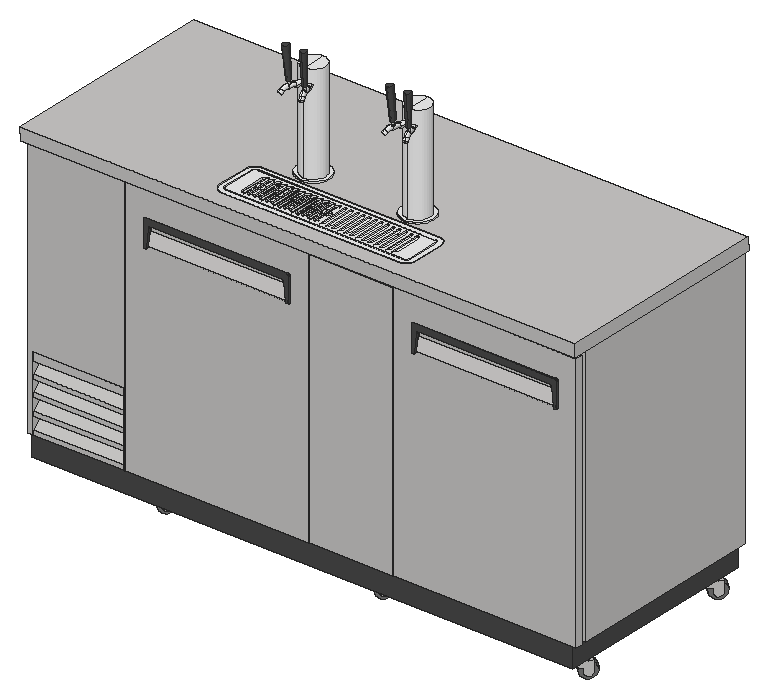
Revit family "QF_Turbo Air_TBD-3", category Specialty Equipment, Revit 2014
Parameters (values of type "TBD-3SD")
  Weight in Pounds = 338
  Watermarked By = ""
  Volts = 115 V
  URL Cutsheet = ""
  URL = "www.turboairinc.com"
  Status [instance] = ""
  Specification by User [instance] = ""
  Specification by Manufacturer [instance] = ""
  Serial Number [instance] = ""
  Revision Code [instance] = ""
  Phase = 1
  Number of Poles [instance] = 1
  NAFEM Spec ID Number [instance] = ""
  Model = "TBD-3SD"
  Masterspec [instance] = ""
  Manufacturer = "Turbo Air"  # constant formula
  Item Number [instance] = "-"
  Installed By [instance] = ""
  HP = "1/3"
  Furnished By [instance] = ""
  Foodservice Equipment Identifier = yes
  FL Amps = 7 A
  Electrical Remarks [instance] = ""
  Electric Connection Type [instance] = ""
  Elec Conn RI Height [instance] = 0' - 0"
  Elec Conn Connection Height [instance] = CasterLeg Height + 0' 2"  # 0' - 5"
  Description = "Beer Dispenser"
  Cycle = 60 Hz
  Conn Plug = "NEMA 5-15P"
  CasterLeg Height [instance] = if([2 inch Casters], 0' 3", if([4 inch Casters], 0' 5", 0' 6"))  # 0' - 3"
  CSI MasterFormat = "11 46 13"
  Body Material = QF_Stainless-Polished
  Assembly Code = "E1090320"
  Apparent Power = if(Phase = 3, Volts * FL Amps * 1.73, Volts * FL Amps)  # 805 VA
  6 inch Legs [instance] = no
  4 inch Casters [instance] = no
  2 inch Casters [instance] = yes
Reference planes (in)
  plane 1 "BACK": y = 0
  plane 2: z = 0
  plane 3 "LEFT": x = -16.56573
  plane 4 "RIGHT": x = 52.55927
  plane 5 "FRONT": y = -27.125
  plane 6 "Bumber Back": y = 2
  plane 7 "Bottom": z = 3
  plane 8 "Counter Top": z = 40
  plane 9 "Counter Bottom": z = 38.4375
  plane 10 "Vent Bottom": z = 5.5625
  plane 11 "Box Left": x = -16.19073
  plane 12 "Vents Left": x = -15.56573
  plane 13 "Vents Right": x = -4.00323
  plane 14 "Doors Back": y = -24.9375
  plane 15 "Vents Front": y = -26.375
  plane 16 "Vent Top": z = 14.8125
  plane 17 "Box Right": x = 52.18427
  plane 18: x = 29.37177
  plane 19: x = 18.80927
  plane 20 "Center Drain LR": x = 17.99677
  plane 21 "Center Drain FB": y = -21.96875
  plane 22 "Door Clearance": y = -48.375
Forms (in)
  Extrusion 1, solid, material "QF_Plastic-Black-Matte"
    sketch origin (0, 0, 3) x (0, 1, 0) y (-1, 0, 0)
      loop
        line (-0.625, 15.75323) -> (-26.3125, 15.75323) -> (-26.3125, -51.74677) -> (-0.625, -51.74677) -> (-0.625, 15.75323)
    from 0 to 2.5625
  Extrusion 2, solid, material "QF_Stainless-Polished" <- "Body Material"
    sketch origin (-15.56573, 0, 0) x (0, 1, 0) y (0, 0, 1)
      loop
        line (-26.375, 12.375) -> (-26.375, 11.8125) -> (-26, 11.8125) -> (-26, 11.875) -> (-26.3125, 11.875) -> (-26.3125, 12.34911) -> (-25.04917, 13.61244) -> (-25.09337, 13.65663) -> (-26.375, 12.375)
      loop
        line (-26.375, 10.3125) -> (-26.375, 9.75) -> (-26, 9.75) -> (-26, 9.8125) -> (-26.3125, 9.8125) -> (-26.3125, 10.28661) -> (-25.04917, 11.54994) -> (-25.09337, 11.59413) -> (-26.375, 10.3125)
      loop
        line (-26.375, 8.25) -> (-26.375, 7.6875) -> (-26, 7.6875) -> (-26, 7.75) -> (-26.3125, 7.75) -> (-26.3125, 8.22411) -> (-25.04917, 9.48744) -> (-25.09337, 9.53163) -> (-26.375, 8.25)
      loop
        line (-26.375, 6.125) -> (-26.375, 5.5625) -> (-25.8125, 5.5625) -> (-25.8125, 5.625) -> (-26.3125, 5.625) -> (-26.3125, 6.09911) -> (-25.04917, 7.36244) -> (-25.09337, 7.40663) -> (-26.375, 6.125)
      loop
        line (-26.375, 14.8125) -> (-26.375, 13.875) -> (-26, 13.875) -> (-26, 13.9375) -> (-26.3125, 13.9375) -> (-26.3125, 14.41161) -> (-25.91161, 14.8125) -> (-26.375, 14.8125)
    from 0 to 11.3125
  Extrusion 3, solid, material "QF_Plastic-Black-Matte"
    sketch origin (0, 2, 0) x (1, 0, 0) y (0, 0, 1)
      loop
        circle (-10.62823, 34.5) r 0.8125
      loop
        circle (46.62177, 34.5) r 0.8125
    from 0 to 2
  Extrusion 4, solid, material "QF_Plastic-Black-Matte"
    sketch origin (0, 0, 0) x (1, 0, 0) y (0, 0, 1)
      loop
        circle (-10.09698, 5) r 0.25
    from 0.625 to 0.5625
  Extrusion 5, solid, material "QF_Stainless-Polished" <- "Body Material"
    sketch origin (0, 0, 5.5625) x (0, 1, 0) y (-1, 0, 0)
      loop
        line (0, 16.19073) -> (-24.9375, 16.19073) -> (-24.9375, -52.18427) -> (0, -52.18427) -> (0, 16.19073)
    from 0 to 32.875
  Extrusion 6, solid, material "QF_Stainless-Polished" <- "Body Material"
    sketch origin (0, -24.9375, 0) x (1, 0, 0) y (0, 0, 1)
      loop
        line (-16.19073, 38.4375) -> (-16.19073, 5.5625) -> (-15.56573, 5.5625) -> (-15.56573, 14.8125) -> (-4.25323, 14.8125) -> (-4.25323, 5.5625) -> (-4.12823, 5.5625) -> (-4.12823, 38.4375) -> (-16.19073, 38.4375)
    from 0 to 1.4375
  Extrusion 7, solid, material "QF_Stainless-Polished"
    sketch origin (0, 0, 38.4375) x (0, 1, 0) y (-1, 0, 0)
      loop
        line (0, 16.56573) -> (-27.125, 16.56573) -> (-27.125, -52.55927) -> (0, -52.55927) -> (0, 16.56573)
      loop
        arc (-23.9375, -5.80927) -> (-24.77719, -6.15709) -> (-25.125, -6.99677) r 1.1875
        line (-25.125, -6.99677) -> (-25.125, -28.99677)
        arc (-25.125, -28.99677) -> (-24.77719, -29.83646) -> (-23.9375, -30.18427) r 1.1875
        line (-23.9375, -30.18427) -> (-20, -30.18427)
        arc (-20, -30.18427) -> (-19.16031, -29.83646) -> (-18.8125, -28.99677) r 1.1875
        line (-18.8125, -28.99677) -> (-18.8125, -6.99677)
        arc (-18.8125, -6.99677) -> (-19.16031, -6.15709) -> (-20, -5.80927) r 1.1875
        line (-20, -5.80927) -> (-23.9375, -5.80927)
    from 0 to 1.5625
  Extrusion 8, solid, material "QF_Steel-Chrome Plated"
    sketch origin (0, 0, 40) x (0, 1, 0) y (-1, 0, 0)
      loop
        arc (-18.8125, -6.99677) -> (-19.16031, -6.15709) -> (-20, -5.80927) r 1.1875
        line (-20, -5.80927) -> (-23.9375, -5.80927)
        arc (-23.9375, -5.80927) -> (-24.77719, -6.15709) -> (-25.125, -6.99677) r 1.1875
        line (-25.125, -6.99677) -> (-25.125, -28.99677)
        arc (-25.125, -28.99677) -> (-24.77719, -29.83646) -> (-23.9375, -30.18427) r 1.1875
        line (-23.9375, -30.18427) -> (-20, -30.18427)
        arc (-20, -30.18427) -> (-19.16031, -29.83646) -> (-18.8125, -28.99677) r 1.1875
        line (-18.8125, -28.99677) -> (-18.8125, -6.99677)
      loop
        arc (-19.4375, -6.99677) -> (-19.60225, -6.59903) -> (-20, -6.43427) r 0.5625
        line (-20, -6.43427) -> (-23.9375, -6.43427)
        arc (-23.9375, -6.43427) -> (-24.33525, -6.59903) -> (-24.5, -6.99677) r 0.5625
        line (-24.5, -6.99677) -> (-24.5, -28.99677)
        arc (-24.5, -28.99677) -> (-24.33525, -29.39452) -> (-23.9375, -29.55927) r 0.5625
        line (-23.9375, -29.55927) -> (-20, -29.55927)
        arc (-20, -29.55927) -> (-19.60225, -29.39452) -> (-19.4375, -28.99677) r 0.5625
        line (-19.4375, -28.99677) -> (-19.4375, -6.99677)
    from 0 to -0.125
  Extrusion 9, solid, material "QF_Steel-Chrome Plated"
    sketch origin (22.52117, 0.125, 38.45227) x (0, 1, 0) y (-0.939693, 0, 0.34202)
      loop
        line (-20.09432, 4.56363) -> (-24.09318, 4.56363)
        arc (-24.09318, 4.56363) -> (-23.94406, 4.20362) -> (-23.58405, 4.0545) r 0.50913
        line (-23.58405, 4.0545) -> (-20.60345, 4.0545)
        arc (-20.60345, 4.0545) -> (-20.24344, 4.20362) -> (-20.09432, 4.56363) r 0.50913
    from -0.0625 to -0.125
  Extrusion 10, solid, material "QF_Steel-Chrome Plated"
    sketch origin (23.27117, 0.125, 38.45227) x (0, 1, 0) y (-0.939693, 0, 0.34202)
      loop
        line (-20.09432, 4.56363) -> (-24.09318, 4.56363)
        arc (-24.09318, 4.56363) -> (-23.94406, 4.20362) -> (-23.58405, 4.0545) r 0.50913
        line (-23.58405, 4.0545) -> (-20.60345, 4.0545)
        arc (-20.60345, 4.0545) -> (-20.24344, 4.20362) -> (-20.09432, 4.56363) r 0.50913
    from -0.0625 to -0.125
  Extrusion 11, solid, material "QF_Steel-Chrome Plated"
    sketch origin (24.02117, 0.125, 38.45227) x (0, 1, 0) y (-0.939693, 0, 0.34202)
      loop
        line (-20.09432, 4.56363) -> (-24.09318, 4.56363)
        arc (-24.09318, 4.56363) -> (-23.94406, 4.20362) -> (-23.58405, 4.0545) r 0.50913
        line (-23.58405, 4.0545) -> (-20.60345, 4.0545)
        arc (-20.60345, 4.0545) -> (-20.24344, 4.20362) -> (-20.09432, 4.56363) r 0.50913
    from -0.0625 to -0.125
  Extrusion 12, solid, material "QF_Steel-Chrome Plated"
    sketch origin (24.77117, 0.125, 38.45227) x (0, 1, 0) y (-0.939693, 0, 0.34202)
      loop
        line (-20.09432, 4.56363) -> (-24.09318, 4.56363)
        arc (-24.09318, 4.56363) -> (-23.94406, 4.20362) -> (-23.58405, 4.0545) r 0.50913
        line (-23.58405, 4.0545) -> (-20.60345, 4.0545)
        arc (-20.60345, 4.0545) -> (-20.24344, 4.20362) -> (-20.09432, 4.56363) r 0.50913
    from -0.0625 to -0.125
  Extrusion 13, solid, material "QF_Steel-Chrome Plated"
    sketch origin (25.52117, 0.125, 38.45227) x (0, 1, 0) y (-0.939693, 0, 0.34202)
      loop
        line (-20.09432, 4.56363) -> (-24.09318, 4.56363)
        arc (-24.09318, 4.56363) -> (-23.94406, 4.20362) -> (-23.58405, 4.0545) r 0.50913
        line (-23.58405, 4.0545) -> (-20.60345, 4.0545)
        arc (-20.60345, 4.0545) -> (-20.24344, 4.20362) -> (-20.09432, 4.56363) r 0.50913
    from -0.0625 to -0.125
  Extrusion 14, solid, material "QF_Steel-Chrome Plated"
    sketch origin (26.27117, 0.125, 38.45227) x (0, 1, 0) y (-0.939693, 0, 0.34202)
      loop
        line (-20.09432, 4.56363) -> (-24.09318, 4.56363)
        arc (-24.09318, 4.56363) -> (-23.94406, 4.20362) -> (-23.58405, 4.0545) r 0.50913
        line (-23.58405, 4.0545) -> (-20.60345, 4.0545)
        arc (-20.60345, 4.0545) -> (-20.24344, 4.20362) -> (-20.09432, 4.56363) r 0.50913
    from -0.0625 to -0.125
  Extrusion 15, solid, material "QF_Steel-Chrome Plated"
    sketch origin (27.02117, 0.125, 38.45227) x (0, 1, 0) y (-0.939693, 0, 0.34202)
      loop
        line (-20.09432, 4.56363) -> (-24.09318, 4.56363)
        arc (-24.09318, 4.56363) -> (-23.94406, 4.20362) -> (-23.58405, 4.0545) r 0.50913
        line (-23.58405, 4.0545) -> (-20.60345, 4.0545)
        arc (-20.60345, 4.0545) -> (-20.24344, 4.20362) -> (-20.09432, 4.56363) r 0.50913
    from -0.0625 to -0.125
  Extrusion 16, solid, material "QF_Steel-Chrome Plated"
    sketch origin (13.47237, 0.125, 38.45227) x (0, 1, 0) y (-0.939693, 0, -0.34202)
      loop
        arc (-20.09432, -4.56363) -> (-20.24344, -4.20362) -> (-20.60345, -4.0545) r 0.50913
        line (-20.60345, -4.0545) -> (-23.58405, -4.0545)
        arc (-23.58405, -4.0545) -> (-23.94406, -4.20362) -> (-24.09318, -4.56363) r 0.50913
        line (-24.09318, -4.56363) -> (-20.09432, -4.56363)
    from -0.0625 to -0.125
  Extrusion 17, solid, material "QF_Steel-Chrome Plated"
    sketch origin (12.72237, 0.125, 38.45227) x (0, 1, 0) y (-0.939693, 0, -0.34202)
      loop
        arc (-20.09432, -4.56363) -> (-20.24344, -4.20362) -> (-20.60345, -4.0545) r 0.50913
        line (-20.60345, -4.0545) -> (-23.58405, -4.0545)
        arc (-23.58405, -4.0545) -> (-23.94406, -4.20362) -> (-24.09318, -4.56363) r 0.50913
        line (-24.09318, -4.56363) -> (-20.09432, -4.56363)
    from -0.0625 to -0.125
  Extrusion 18, solid, material "QF_Steel-Chrome Plated"
    sketch origin (11.97237, 0.125, 38.45227) x (0, 1, 0) y (-0.939693, 0, -0.34202)
      loop
        arc (-20.09432, -4.56363) -> (-20.24344, -4.20362) -> (-20.60345, -4.0545) r 0.50913
        line (-20.60345, -4.0545) -> (-23.58405, -4.0545)
        arc (-23.58405, -4.0545) -> (-23.94406, -4.20362) -> (-24.09318, -4.56363) r 0.50913
        line (-24.09318, -4.56363) -> (-20.09432, -4.56363)
    from -0.0625 to -0.125
  Extrusion 19, solid, material "QF_Steel-Chrome Plated"
    sketch origin (11.22237, 0.125, 38.45227) x (0, 1, 0) y (-0.939693, 0, -0.34202)
      loop
        arc (-20.09432, -4.56363) -> (-20.24344, -4.20362) -> (-20.60345, -4.0545) r 0.50913
        line (-20.60345, -4.0545) -> (-23.58405, -4.0545)
        arc (-23.58405, -4.0545) -> (-23.94406, -4.20362) -> (-24.09318, -4.56363) r 0.50913
        line (-24.09318, -4.56363) -> (-20.09432, -4.56363)
    from -0.0625 to -0.125
  Extrusion 20, solid, material "QF_Steel-Chrome Plated"
    sketch origin (10.47237, 0.125, 38.45227) x (0, 1, 0) y (-0.939693, 0, -0.34202)
      loop
        arc (-20.09432, -4.56363) -> (-20.24344, -4.20362) -> (-20.60345, -4.0545) r 0.50913
        line (-20.60345, -4.0545) -> (-23.58405, -4.0545)
        arc (-23.58405, -4.0545) -> (-23.94406, -4.20362) -> (-24.09318, -4.56363) r 0.50913
        line (-24.09318, -4.56363) -> (-20.09432, -4.56363)
    from -0.0625 to -0.125
  Extrusion 21, solid, material "QF_Steel-Chrome Plated"
    sketch origin (9.72237, 0.125, 38.45227) x (0, 1, 0) y (-0.939693, 0, -0.34202)
      loop
        arc (-20.09432, -4.56363) -> (-20.24344, -4.20362) -> (-20.60345, -4.0545) r 0.50913
        line (-20.60345, -4.0545) -> (-23.58405, -4.0545)
        arc (-23.58405, -4.0545) -> (-23.94406, -4.20362) -> (-24.09318, -4.56363) r 0.50913
        line (-24.09318, -4.56363) -> (-20.09432, -4.56363)
    from -0.0625 to -0.125
  Extrusion 22, solid, material "QF_Steel-Chrome Plated"
    sketch origin (8.97237, 0.125, 38.45227) x (0, 1, 0) y (-0.939693, 0, -0.34202)
      loop
        arc (-20.09432, -4.56363) -> (-20.24344, -4.20362) -> (-20.60345, -4.0545) r 0.50913
        line (-20.60345, -4.0545) -> (-23.58405, -4.0545)
        arc (-23.58405, -4.0545) -> (-23.94406, -4.20362) -> (-24.09318, -4.56363) r 0.50913
        line (-24.09318, -4.56363) -> (-20.09432, -4.56363)
    from -0.0625 to -0.125
  Extrusion 23, solid, material "QF_Steel-Chrome Plated", not visible
    sketch origin (-0.22883, 0, 37.95227) x (0, 1, 0) y (-0.939693, 0, 0.34202)
      loop
        line (-20.09432, 4.56363) -> (-24.09318, 4.56363)
        arc (-24.09318, 4.56363) -> (-23.94406, 4.20362) -> (-23.58405, 4.0545) r 0.50913
        line (-23.58405, 4.0545) -> (-20.60345, 4.0545)
        arc (-20.60345, 4.0545) -> (-20.24344, 4.20362) -> (-20.09432, 4.56363) r 0.50913
    from -0.0625 to -0.125
  Extrusion 24, solid, material "QF_Steel-Chrome Plated", not visible
    sketch origin (0.52117, 0, 37.95227) x (0, 1, 0) y (-0.939693, 0, 0.34202)
      loop
        line (-20.09432, 4.56363) -> (-24.09318, 4.56363)
        arc (-24.09318, 4.56363) -> (-23.94406, 4.20362) -> (-23.58405, 4.0545) r 0.50913
        line (-23.58405, 4.0545) -> (-20.60345, 4.0545)
        arc (-20.60345, 4.0545) -> (-20.24344, 4.20362) -> (-20.09432, 4.56363) r 0.50913
    from -0.0625 to -0.125
  Extrusion 25, solid, material "QF_Steel-Chrome Plated", not visible
    sketch origin (1.27117, 0, 37.95227) x (0, 1, 0) y (-0.939693, 0, 0.34202)
      loop
        line (-20.09432, 4.56363) -> (-24.09318, 4.56363)
        arc (-24.09318, 4.56363) -> (-23.94406, 4.20362) -> (-23.58405, 4.0545) r 0.50913
        line (-23.58405, 4.0545) -> (-20.60345, 4.0545)
        arc (-20.60345, 4.0545) -> (-20.24344, 4.20362) -> (-20.09432, 4.56363) r 0.50913
    from -0.0625 to -0.125
  Extrusion 26, solid, material "QF_Steel-Chrome Plated", not visible
    sketch origin (2.02117, 0, 37.95227) x (0, 1, 0) y (-0.939693, 0, 0.34202)
      loop
        line (-20.09432, 4.56363) -> (-24.09318, 4.56363)
        arc (-24.09318, 4.56363) -> (-23.94406, 4.20362) -> (-23.58405, 4.0545) r 0.50913
        line (-23.58405, 4.0545) -> (-20.60345, 4.0545)
        arc (-20.60345, 4.0545) -> (-20.24344, 4.20362) -> (-20.09432, 4.56363) r 0.50913
    from -0.0625 to -0.125
  Extrusion 27, solid, material "QF_Steel-Chrome Plated", not visible
    sketch origin (2.77117, 0, 37.95227) x (0, 1, 0) y (-0.939693, 0, 0.34202)
      loop
        line (-20.09432, 4.56363) -> (-24.09318, 4.56363)
        arc (-24.09318, 4.56363) -> (-23.94406, 4.20362) -> (-23.58405, 4.0545) r 0.50913
        line (-23.58405, 4.0545) -> (-20.60345, 4.0545)
        arc (-20.60345, 4.0545) -> (-20.24344, 4.20362) -> (-20.09432, 4.56363) r 0.50913
    from -0.0625 to -0.125
  Extrusion 28, solid, material "QF_Steel-Chrome Plated", not visible
    sketch origin (3.52117, 0, 37.95227) x (0, 1, 0) y (-0.939693, 0, 0.34202)
      loop
        line (-20.09432, 4.56363) -> (-24.09318, 4.56363)
        arc (-24.09318, 4.56363) -> (-23.94406, 4.20362) -> (-23.58405, 4.0545) r 0.50913
        line (-23.58405, 4.0545) -> (-20.60345, 4.0545)
        arc (-20.60345, 4.0545) -> (-20.24344, 4.20362) -> (-20.09432, 4.56363) r 0.50913
    from -0.0625 to -0.125
  Extrusion 29, solid, material "QF_Steel-Chrome Plated", not visible
    sketch origin (4.27117, 0, 37.95227) x (0, 1, 0) y (-0.939693, 0, 0.34202)
      loop
        line (-20.09432, 4.56363) -> (-24.09318, 4.56363)
        arc (-24.09318, 4.56363) -> (-23.94406, 4.20362) -> (-23.58405, 4.0545) r 0.50913
        line (-23.58405, 4.0545) -> (-20.60345, 4.0545)
        arc (-20.60345, 4.0545) -> (-20.24344, 4.20362) -> (-20.09432, 4.56363) r 0.50913
    from -0.0625 to -0.125
  Extrusion 30, solid, material "QF_Steel-Chrome Plated", not visible
    sketch origin (-9.27763, 0, 37.95227) x (0, 1, 0) y (-0.939693, 0, -0.34202)
      loop
        arc (-20.09432, -4.56363) -> (-20.24344, -4.20362) -> (-20.60345, -4.0545) r 0.50913
        line (-20.60345, -4.0545) -> (-23.58405, -4.0545)
        arc (-23.58405, -4.0545) -> (-23.94406, -4.20362) -> (-24.09318, -4.56363) r 0.50913
        line (-24.09318, -4.56363) -> (-20.09432, -4.56363)
    from -0.0625 to -0.125
  Extrusion 31, solid, material "QF_Steel-Chrome Plated", not visible
    sketch origin (-10.02763, 0, 37.95227) x (0, 1, 0) y (-0.939693, 0, -0.34202)
      loop
        arc (-20.09432, -4.56363) -> (-20.24344, -4.20362) -> (-20.60345, -4.0545) r 0.50913
        line (-20.60345, -4.0545) -> (-23.58405, -4.0545)
        arc (-23.58405, -4.0545) -> (-23.94406, -4.20362) -> (-24.09318, -4.56363) r 0.50913
        line (-24.09318, -4.56363) -> (-20.09432, -4.56363)
    from -0.0625 to -0.125
  Extrusion 32, solid, material "QF_Steel-Chrome Plated", not visible
    sketch origin (-10.77763, 0, 37.95227) x (0, 1, 0) y (-0.939693, 0, -0.34202)
      loop
        arc (-20.09432, -4.56363) -> (-20.24344, -4.20362) -> (-20.60345, -4.0545) r 0.50913
        line (-20.60345, -4.0545) -> (-23.58405, -4.0545)
        arc (-23.58405, -4.0545) -> (-23.94406, -4.20362) -> (-24.09318, -4.56363) r 0.50913
        line (-24.09318, -4.56363) -> (-20.09432, -4.56363)
    from -0.0625 to -0.125
  Extrusion 33, solid, material "QF_Steel-Chrome Plated", not visible
    sketch origin (-11.52763, 0, 37.95227) x (0, 1, 0) y (-0.939693, 0, -0.34202)
      loop
        arc (-20.09432, -4.56363) -> (-20.24344, -4.20362) -> (-20.60345, -4.0545) r 0.50913
        line (-20.60345, -4.0545) -> (-23.58405, -4.0545)
        arc (-23.58405, -4.0545) -> (-23.94406, -4.20362) -> (-24.09318, -4.56363) r 0.50913
        line (-24.09318, -4.56363) -> (-20.09432, -4.56363)
    from -0.0625 to -0.125
  Extrusion 34, solid, material "QF_Steel-Chrome Plated", not visible
    sketch origin (-12.27763, 0, 37.95227) x (0, 1, 0) y (-0.939693, 0, -0.34202)
      loop
        arc (-20.09432, -4.56363) -> (-20.24344, -4.20362) -> (-20.60345, -4.0545) r 0.50913
        line (-20.60345, -4.0545) -> (-23.58405, -4.0545)
        arc (-23.58405, -4.0545) -> (-23.94406, -4.20362) -> (-24.09318, -4.56363) r 0.50913
        line (-24.09318, -4.56363) -> (-20.09432, -4.56363)
    from -0.0625 to -0.125
  Extrusion 35, solid, material "QF_Steel-Chrome Plated", not visible
    sketch origin (-13.02763, 0, 37.95227) x (0, 1, 0) y (-0.939693, 0, -0.34202)
      loop
        arc (-20.09432, -4.56363) -> (-20.24344, -4.20362) -> (-20.60345, -4.0545) r 0.50913
        line (-20.60345, -4.0545) -> (-23.58405, -4.0545)
        arc (-23.58405, -4.0545) -> (-23.94406, -4.20362) -> (-24.09318, -4.56363) r 0.50913
        line (-24.09318, -4.56363) -> (-20.09432, -4.56363)
    from -0.0625 to -0.125
  Extrusion 36, solid, material "QF_Steel-Chrome Plated", not visible
    sketch origin (-13.77763, 0, 37.95227) x (0, 1, 0) y (-0.939693, 0, -0.34202)
      loop
        arc (-20.09432, -4.56363) -> (-20.24344, -4.20362) -> (-20.60345, -4.0545) r 0.50913
        line (-20.60345, -4.0545) -> (-23.58405, -4.0545)
        arc (-23.58405, -4.0545) -> (-23.94406, -4.20362) -> (-24.09318, -4.56363) r 0.50913
        line (-24.09318, -4.56363) -> (-20.09432, -4.56363)
    from -0.0625 to -0.125
  Extrusion 37, solid, material "QF_Steel-Chrome Plated"
    sketch origin (8.22237, 0.125, 38.45227) x (0, 1, 0) y (-0.939693, 0, -0.34202)
      loop
        arc (-20.09432, -4.56363) -> (-20.24344, -4.20362) -> (-20.60345, -4.0545) r 0.50913
        line (-20.60345, -4.0545) -> (-23.58405, -4.0545)
        arc (-23.58405, -4.0545) -> (-23.94406, -4.20362) -> (-24.09318, -4.56363) r 0.50913
        line (-24.09318, -4.56363) -> (-20.09432, -4.56363)
    from -0.0625 to -0.125
  Extrusion 38, solid, material "QF_Steel-Chrome Plated"
    sketch origin (7.47237, 0.125, 38.45227) x (0, 1, 0) y (-0.939693, 0, -0.34202)
      loop
        arc (-20.09432, -4.56363) -> (-20.24344, -4.20362) -> (-20.60345, -4.0545) r 0.50913
        line (-20.60345, -4.0545) -> (-23.58405, -4.0545)
        arc (-23.58405, -4.0545) -> (-23.94406, -4.20362) -> (-24.09318, -4.56363) r 0.50913
        line (-24.09318, -4.56363) -> (-20.09432, -4.56363)
    from -0.0625 to -0.125
  Extrusion 39, solid, material "QF_Steel-Chrome Plated"
    sketch origin (6.72237, 0.125, 38.45227) x (0, 1, 0) y (-0.939693, 0, -0.34202)
      loop
        arc (-20.09432, -4.56363) -> (-20.24344, -4.20362) -> (-20.60345, -4.0545) r 0.50913
        line (-20.60345, -4.0545) -> (-23.58405, -4.0545)
        arc (-23.58405, -4.0545) -> (-23.94406, -4.20362) -> (-24.09318, -4.56363) r 0.50913
        line (-24.09318, -4.56363) -> (-20.09432, -4.56363)
    from -0.0625 to -0.125
  Extrusion 40, solid, material "QF_Steel-Chrome Plated"
    sketch origin (5.97237, 0.125, 38.45227) x (0, 1, 0) y (-0.939693, 0, -0.34202)
      loop
        arc (-20.09432, -4.56363) -> (-20.24344, -4.20362) -> (-20.60345, -4.0545) r 0.50913
        line (-20.60345, -4.0545) -> (-23.58405, -4.0545)
        arc (-23.58405, -4.0545) -> (-23.94406, -4.20362) -> (-24.09318, -4.56363) r 0.50913
        line (-24.09318, -4.56363) -> (-20.09432, -4.56363)
    from -0.0625 to -0.125
  Extrusion 41, solid, material "QF_Steel-Chrome Plated"
    sketch origin (5.22237, 0.125, 38.45227) x (0, 1, 0) y (-0.939693, 0, -0.34202)
      loop
        arc (-20.09432, -4.56363) -> (-20.24344, -4.20362) -> (-20.60345, -4.0545) r 0.50913
        line (-20.60345, -4.0545) -> (-23.58405, -4.0545)
        arc (-23.58405, -4.0545) -> (-23.94406, -4.20362) -> (-24.09318, -4.56363) r 0.50913
        line (-24.09318, -4.56363) -> (-20.09432, -4.56363)
    from -0.0625 to -0.125
  Extrusion 42, solid, material "QF_Steel-Chrome Plated"
    sketch origin (4.47237, 0.125, 38.45227) x (0, 1, 0) y (-0.939693, 0, -0.34202)
      loop
        arc (-20.09432, -4.56363) -> (-20.24344, -4.20362) -> (-20.60345, -4.0545) r 0.50913
        line (-20.60345, -4.0545) -> (-23.58405, -4.0545)
        arc (-23.58405, -4.0545) -> (-23.94406, -4.20362) -> (-24.09318, -4.56363) r 0.50913
        line (-24.09318, -4.56363) -> (-20.09432, -4.56363)
    from -0.0625 to -0.125
  Extrusion 43, solid, material "QF_Steel-Chrome Plated"
    sketch origin (27.77117, 0.125, 38.45227) x (0, 1, 0) y (-0.939693, 0, 0.34202)
      loop
        line (-20.09432, 4.56363) -> (-24.09318, 4.56363)
        arc (-24.09318, 4.56363) -> (-23.94406, 4.20362) -> (-23.58405, 4.0545) r 0.50913
        line (-23.58405, 4.0545) -> (-20.60345, 4.0545)
        arc (-20.60345, 4.0545) -> (-20.24344, 4.20362) -> (-20.09432, 4.56363) r 0.50913
    from -0.0625 to -0.125
  Extrusion 44, solid, material "QF_Steel-Chrome Plated"
    sketch origin (28.52117, 0.125, 38.45227) x (0, 1, 0) y (-0.939693, 0, 0.34202)
      loop
        line (-20.09432, 4.56363) -> (-24.09318, 4.56363)
        arc (-24.09318, 4.56363) -> (-23.94406, 4.20362) -> (-23.58405, 4.0545) r 0.50913
        line (-23.58405, 4.0545) -> (-20.60345, 4.0545)
        arc (-20.60345, 4.0545) -> (-20.24344, 4.20362) -> (-20.09432, 4.56363) r 0.50913
    from -0.0625 to -0.125
  Extrusion 45, solid, material "QF_Steel-Chrome Plated"
    sketch origin (29.27117, 0.125, 38.45227) x (0, 1, 0) y (-0.939693, 0, 0.34202)
      loop
        line (-20.09432, 4.56363) -> (-24.09318, 4.56363)
        arc (-24.09318, 4.56363) -> (-23.94406, 4.20362) -> (-23.58405, 4.0545) r 0.50913
        line (-23.58405, 4.0545) -> (-20.60345, 4.0545)
        arc (-20.60345, 4.0545) -> (-20.24344, 4.20362) -> (-20.09432, 4.56363) r 0.50913
    from -0.0625 to -0.125
  Extrusion 46, solid, material "QF_Steel-Chrome Plated"
    sketch origin (30.02117, 0.125, 38.45227) x (0, 1, 0) y (-0.939693, 0, 0.34202)
      loop
        line (-20.09432, 4.56363) -> (-24.09318, 4.56363)
        arc (-24.09318, 4.56363) -> (-23.94406, 4.20362) -> (-23.58405, 4.0545) r 0.50913
        line (-23.58405, 4.0545) -> (-20.60345, 4.0545)
        arc (-20.60345, 4.0545) -> (-20.24344, 4.20362) -> (-20.09432, 4.56363) r 0.50913
    from -0.0625 to -0.125
  Extrusion 47, solid, material "QF_Steel-Chrome Plated"
    sketch origin (30.77117, 0.125, 38.45227) x (0, 1, 0) y (-0.939693, 0, 0.34202)
      loop
        line (-20.09432, 4.56363) -> (-24.09318, 4.56363)
        arc (-24.09318, 4.56363) -> (-23.94406, 4.20362) -> (-23.58405, 4.0545) r 0.50913
        line (-23.58405, 4.0545) -> (-20.60345, 4.0545)
        arc (-20.60345, 4.0545) -> (-20.24344, 4.20362) -> (-20.09432, 4.56363) r 0.50913
    from -0.0625 to -0.125
  Extrusion 48, solid, material "QF_Steel-Chrome Plated"
    sketch origin (31.52117, 0.125, 38.45227) x (0, 1, 0) y (-0.939693, 0, 0.34202)
      loop
        line (-20.09432, 4.56363) -> (-24.09318, 4.56363)
        arc (-24.09318, 4.56363) -> (-23.94406, 4.20362) -> (-23.58405, 4.0545) r 0.50913
        line (-23.58405, 4.0545) -> (-20.60345, 4.0545)
        arc (-20.60345, 4.0545) -> (-20.24344, 4.20362) -> (-20.09432, 4.56363) r 0.50913
    from -0.0625 to -0.125
  Extrusion 49, solid, material "QF_Steel-Chrome Plated", not visible
    sketch origin (-14.52763, 0, 37.95227) x (0, 1, 0) y (-0.939693, 0, -0.34202)
      loop
        arc (-20.09432, -4.56363) -> (-20.24344, -4.20362) -> (-20.60345, -4.0545) r 0.50913
        line (-20.60345, -4.0545) -> (-23.58405, -4.0545)
        arc (-23.58405, -4.0545) -> (-23.94406, -4.20362) -> (-24.09318, -4.56363) r 0.50913
        line (-24.09318, -4.56363) -> (-20.09432, -4.56363)
    from -0.0625 to -0.125
  Extrusion 50, solid, material "QF_Steel-Chrome Plated", not visible
    sketch origin (-15.27763, 0, 37.95227) x (0, 1, 0) y (-0.939693, 0, -0.34202)
      loop
        arc (-20.09432, -4.56363) -> (-20.24344, -4.20362) -> (-20.60345, -4.0545) r 0.50913
        line (-20.60345, -4.0545) -> (-23.58405, -4.0545)
        arc (-23.58405, -4.0545) -> (-23.94406, -4.20362) -> (-24.09318, -4.56363) r 0.50913
        line (-24.09318, -4.56363) -> (-20.09432, -4.56363)
    from -0.0625 to -0.125
  Extrusion 51, solid, material "QF_Steel-Chrome Plated", not visible
    sketch origin (-16.02763, 0, 37.95227) x (0, 1, 0) y (-0.939693, 0, -0.34202)
      loop
        arc (-20.09432, -4.56363) -> (-20.24344, -4.20362) -> (-20.60345, -4.0545) r 0.50913
        line (-20.60345, -4.0545) -> (-23.58405, -4.0545)
        arc (-23.58405, -4.0545) -> (-23.94406, -4.20362) -> (-24.09318, -4.56363) r 0.50913
        line (-24.09318, -4.56363) -> (-20.09432, -4.56363)
    from -0.0625 to -0.125
  Extrusion 52, solid, material "QF_Steel-Chrome Plated", not visible
    sketch origin (-16.77763, 0, 37.95227) x (0, 1, 0) y (-0.939693, 0, -0.34202)
      loop
        arc (-20.09432, -4.56363) -> (-20.24344, -4.20362) -> (-20.60345, -4.0545) r 0.50913
        line (-20.60345, -4.0545) -> (-23.58405, -4.0545)
        arc (-23.58405, -4.0545) -> (-23.94406, -4.20362) -> (-24.09318, -4.56363) r 0.50913
        line (-24.09318, -4.56363) -> (-20.09432, -4.56363)
    from -0.0625 to -0.125
  Extrusion 53, solid, material "QF_Steel-Chrome Plated", not visible
    sketch origin (-17.52763, 0, 37.95227) x (0, 1, 0) y (-0.939693, 0, -0.34202)
      loop
        arc (-20.09432, -4.56363) -> (-20.24344, -4.20362) -> (-20.60345, -4.0545) r 0.50913
        line (-20.60345, -4.0545) -> (-23.58405, -4.0545)
        arc (-23.58405, -4.0545) -> (-23.94406, -4.20362) -> (-24.09318, -4.56363) r 0.50913
        line (-24.09318, -4.56363) -> (-20.09432, -4.56363)
    from -0.0625 to -0.125
  Extrusion 54, solid, material "QF_Steel-Chrome Plated", not visible
    sketch origin (-18.27763, 0, 37.95227) x (0, 1, 0) y (-0.939693, 0, -0.34202)
      loop
        arc (-20.09432, -4.56363) -> (-20.24344, -4.20362) -> (-20.60345, -4.0545) r 0.50913
        line (-20.60345, -4.0545) -> (-23.58405, -4.0545)
        arc (-23.58405, -4.0545) -> (-23.94406, -4.20362) -> (-24.09318, -4.56363) r 0.50913
        line (-24.09318, -4.56363) -> (-20.09432, -4.56363)
    from -0.0625 to -0.125
  Extrusion 55, solid, material "QF_Steel-Chrome Plated", not visible
    sketch origin (5.02117, 0, 37.95227) x (0, 1, 0) y (-0.939693, 0, 0.34202)
      loop
        line (-20.09432, 4.56363) -> (-24.09318, 4.56363)
        arc (-24.09318, 4.56363) -> (-23.94406, 4.20362) -> (-23.58405, 4.0545) r 0.50913
        line (-23.58405, 4.0545) -> (-20.60345, 4.0545)
        arc (-20.60345, 4.0545) -> (-20.24344, 4.20362) -> (-20.09432, 4.56363) r 0.50913
    from -0.0625 to -0.125
  Extrusion 56, solid, material "QF_Steel-Chrome Plated", not visible
    sketch origin (5.77117, 0, 37.95227) x (0, 1, 0) y (-0.939693, 0, 0.34202)
      loop
        line (-20.09432, 4.56363) -> (-24.09318, 4.56363)
        arc (-24.09318, 4.56363) -> (-23.94406, 4.20362) -> (-23.58405, 4.0545) r 0.50913
        line (-23.58405, 4.0545) -> (-20.60345, 4.0545)
        arc (-20.60345, 4.0545) -> (-20.24344, 4.20362) -> (-20.09432, 4.56363) r 0.50913
    from -0.0625 to -0.125
  Extrusion 57, solid, material "QF_Steel-Chrome Plated", not visible
    sketch origin (6.52117, 0, 37.95227) x (0, 1, 0) y (-0.939693, 0, 0.34202)
      loop
        line (-20.09432, 4.56363) -> (-24.09318, 4.56363)
        arc (-24.09318, 4.56363) -> (-23.94406, 4.20362) -> (-23.58405, 4.0545) r 0.50913
        line (-23.58405, 4.0545) -> (-20.60345, 4.0545)
        arc (-20.60345, 4.0545) -> (-20.24344, 4.20362) -> (-20.09432, 4.56363) r 0.50913
    from -0.0625 to -0.125
  Extrusion 58, solid, material "QF_Steel-Chrome Plated", not visible
    sketch origin (7.27117, 0, 37.95227) x (0, 1, 0) y (-0.939693, 0, 0.34202)
      loop
        line (-20.09432, 4.56363) -> (-24.09318, 4.56363)
        arc (-24.09318, 4.56363) -> (-23.94406, 4.20362) -> (-23.58405, 4.0545) r 0.50913
        line (-23.58405, 4.0545) -> (-20.60345, 4.0545)
        arc (-20.60345, 4.0545) -> (-20.24344, 4.20362) -> (-20.09432, 4.56363) r 0.50913
    from -0.0625 to -0.125
  Extrusion 59, solid, material "QF_Steel-Chrome Plated", not visible
    sketch origin (8.02117, 0, 37.95227) x (0, 1, 0) y (-0.939693, 0, 0.34202)
      loop
        line (-20.09432, 4.56363) -> (-24.09318, 4.56363)
        arc (-24.09318, 4.56363) -> (-23.94406, 4.20362) -> (-23.58405, 4.0545) r 0.50913
        line (-23.58405, 4.0545) -> (-20.60345, 4.0545)
        arc (-20.60345, 4.0545) -> (-20.24344, 4.20362) -> (-20.09432, 4.56363) r 0.50913
    from -0.0625 to -0.125
  Extrusion 60, solid, material "QF_Steel-Chrome Plated", not visible
    sketch origin (8.77117, 0, 37.95227) x (0, 1, 0) y (-0.939693, 0, 0.34202)
      loop
        line (-20.09432, 4.56363) -> (-24.09318, 4.56363)
        arc (-24.09318, 4.56363) -> (-23.94406, 4.20362) -> (-23.58405, 4.0545) r 0.50913
        line (-23.58405, 4.0545) -> (-20.60345, 4.0545)
        arc (-20.60345, 4.0545) -> (-20.24344, 4.20362) -> (-20.09432, 4.56363) r 0.50913
    from -0.0625 to -0.125
  Extrusion 61, solid, material "QF_Clearance", detail levels coarse+medium
    sketch origin (0, 0, 5.5625) x (0, 1, 0) y (-1, 0, 0)
      loop
        line (-48.375, -52.18427) -> (-26.375, -52.18427) -> (-26.375, -29.37177)
        arc (-26.375, -29.37177) -> (-41.98315, -36.334) -> (-48.375, -52.18427) r 22.8125
    from 0 to 32.3125
  Extrusion 62, solid, material "QF_Clearance", detail levels coarse+medium
    sketch origin (0, 0, 5.5625) x (0, 1, 0) y (-1, 0, 0)
      loop
        arc (-48.375, 4.00323) -> (-41.98315, -11.84705) -> (-26.375, -18.80927) r 22.8125
        line (-26.375, -18.80927) -> (-26.375, 4.00323) -> (-48.375, 4.00323)
    from 0 to 32.3125
  Extrusion 63, solid, material "QF_Steel-Chrome Plated"
    sketch origin (0, 0, 40) x (0, 1, 0) y (-1, 0, 0)
      loop
        arc (-19.5, -6.99677) -> (-19.64645, -6.64322) -> (-20, -6.49677) r 0.5
        line (-20, -6.49677) -> (-23.9375, -6.49677)
        arc (-23.9375, -6.49677) -> (-24.29105, -6.64322) -> (-24.4375, -6.99677) r 0.5
        line (-24.4375, -6.99677) -> (-24.4375, -28.99677)
        arc (-24.4375, -28.99677) -> (-24.29105, -29.35033) -> (-23.9375, -29.49677) r 0.5
        line (-23.9375, -29.49677) -> (-20, -29.49677)
        arc (-20, -29.49677) -> (-19.64645, -29.35033) -> (-19.5, -28.99677) r 0.5
        line (-19.5, -28.99677) -> (-19.5, -6.99677)
      loop
        circle (-21.96875, -17.99677) r 0.1875
      loop
        arc (-23.96875, -18.24677) -> (-23.8223, -18.60033) -> (-23.46875, -18.74677) r 0.5
        line (-23.46875, -18.74677) -> (-20.46875, -18.74677)
        arc (-20.46875, -18.74677) -> (-20.1152, -18.60033) -> (-19.96875, -18.24677) r 0.5
        line (-19.96875, -18.24677) -> (-23.96875, -18.24677)
      loop
        arc (-23.96875, -18.99677) -> (-23.8223, -19.35033) -> (-23.46875, -19.49677) r 0.5
        line (-23.46875, -19.49677) -> (-20.46875, -19.49677)
        arc (-20.46875, -19.49677) -> (-20.1152, -19.35033) -> (-19.96875, -18.99677) r 0.5
        line (-19.96875, -18.99677) -> (-23.96875, -18.99677)
      loop
        arc (-23.96875, -19.74677) -> (-23.8223, -20.10033) -> (-23.46875, -20.24677) r 0.5
        line (-23.46875, -20.24677) -> (-20.46875, -20.24677)
        arc (-20.46875, -20.24677) -> (-20.1152, -20.10033) -> (-19.96875, -19.74677) r 0.5
        line (-19.96875, -19.74677) -> (-23.96875, -19.74677)
      loop
        arc (-23.96875, -20.49677) -> (-23.8223, -20.85033) -> (-23.46875, -20.99677) r 0.5
        line (-23.46875, -20.99677) -> (-20.46875, -20.99677)
        arc (-20.46875, -20.99677) -> (-20.1152, -20.85033) -> (-19.96875, -20.49677) r 0.5
        line (-19.96875, -20.49677) -> (-23.96875, -20.49677)
      loop
        arc (-23.96875, -21.24677) -> (-23.8223, -21.60033) -> (-23.46875, -21.74677) r 0.5
        line (-23.46875, -21.74677) -> (-20.46875, -21.74677)
        arc (-20.46875, -21.74677) -> (-20.1152, -21.60033) -> (-19.96875, -21.24677) r 0.5
        line (-19.96875, -21.24677) -> (-23.96875, -21.24677)
      loop
        arc (-23.96875, -21.99677) -> (-23.8223, -22.35033) -> (-23.46875, -22.49677) r 0.5
        line (-23.46875, -22.49677) -> (-20.46875, -22.49677)
        arc (-20.46875, -22.49677) -> (-20.1152, -22.35033) -> (-19.96875, -21.99677) r 0.5
        line (-19.96875, -21.99677) -> (-23.96875, -21.99677)
      loop
        arc (-23.96875, -22.74677) -> (-23.8223, -23.10033) -> (-23.46875, -23.24677) r 0.5
        line (-23.46875, -23.24677) -> (-20.46875, -23.24677)
        arc (-20.46875, -23.24677) -> (-20.1152, -23.10033) -> (-19.96875, -22.74677) r 0.5
        line (-19.96875, -22.74677) -> (-23.96875, -22.74677)
      loop
        line (-23.96875, -17.74677) -> (-19.96875, -17.74677)
        arc (-19.96875, -17.74677) -> (-20.1152, -17.39322) -> (-20.46875, -17.24677) r 0.5
        line (-20.46875, -17.24677) -> (-23.46875, -17.24677)
        arc (-23.46875, -17.24677) -> (-23.8223, -17.39322) -> (-23.96875, -17.74677) r 0.5
      loop
        line (-23.96875, -16.99677) -> (-19.96875, -16.99677)
        arc (-19.96875, -16.99677) -> (-20.1152, -16.64322) -> (-20.46875, -16.49677) r 0.5
        line (-20.46875, -16.49677) -> (-23.46875, -16.49677)
        arc (-23.46875, -16.49677) -> (-23.8223, -16.64322) -> (-23.96875, -16.99677) r 0.5
      loop
        line (-23.96875, -16.24677) -> (-19.96875, -16.24677)
        arc (-19.96875, -16.24677) -> (-20.1152, -15.89322) -> (-20.46875, -15.74677) r 0.5
        line (-20.46875, -15.74677) -> (-23.46875, -15.74677)
        arc (-23.46875, -15.74677) -> (-23.8223, -15.89322) -> (-23.96875, -16.24677) r 0.5
      loop
        line (-23.96875, -15.49677) -> (-19.96875, -15.49677)
        arc (-19.96875, -15.49677) -> (-20.1152, -15.14322) -> (-20.46875, -14.99677) r 0.5
        line (-20.46875, -14.99677) -> (-23.46875, -14.99677)
        arc (-23.46875, -14.99677) -> (-23.8223, -15.14322) -> (-23.96875, -15.49677) r 0.5
      loop
        line (-23.96875, -14.74677) -> (-19.96875, -14.74677)
        arc (-19.96875, -14.74677) -> (-20.1152, -14.39322) -> (-20.46875, -14.24677) r 0.5
        line (-20.46875, -14.24677) -> (-23.46875, -14.24677)
        arc (-23.46875, -14.24677) -> (-23.8223, -14.39322) -> (-23.96875, -14.74677) r 0.5
      loop
        line (-23.96875, -13.99677) -> (-19.96875, -13.99677)
        arc (-19.96875, -13.99677) -> (-20.1152, -13.64322) -> (-20.46875, -13.49677) r 0.5
        line (-20.46875, -13.49677) -> (-23.46875, -13.49677)
        arc (-23.46875, -13.49677) -> (-23.8223, -13.64322) -> (-23.96875, -13.99677) r 0.5
      loop
        line (-23.96875, -13.24677) -> (-19.96875, -13.24677)
        arc (-19.96875, -13.24677) -> (-20.1152, -12.89322) -> (-20.46875, -12.74677) r 0.5
        line (-20.46875, -12.74677) -> (-23.46875, -12.74677)
        arc (-23.46875, -12.74677) -> (-23.8223, -12.89322) -> (-23.96875, -13.24677) r 0.5
      loop
        line (-23.96875, -12.49677) -> (-19.96875, -12.49677)
        arc (-19.96875, -12.49677) -> (-20.1152, -12.14322) -> (-20.46875, -11.99677) r 0.5
        line (-20.46875, -11.99677) -> (-23.46875, -11.99677)
        arc (-23.46875, -11.99677) -> (-23.8223, -12.14322) -> (-23.96875, -12.49677) r 0.5
      loop
        line (-23.96875, -11.74677) -> (-19.96875, -11.74677)
        arc (-19.96875, -11.74677) -> (-20.1152, -11.39322) -> (-20.46875, -11.24677) r 0.5
        line (-20.46875, -11.24677) -> (-23.46875, -11.24677)
        arc (-23.46875, -11.24677) -> (-23.8223, -11.39322) -> (-23.96875, -11.74677) r 0.5
      loop
        line (-23.96875, -10.99677) -> (-19.96875, -10.99677)
        arc (-19.96875, -10.99677) -> (-20.1152, -10.64322) -> (-20.46875, -10.49677) r 0.5
        line (-20.46875, -10.49677) -> (-23.46875, -10.49677)
        arc (-23.46875, -10.49677) -> (-23.8223, -10.64322) -> (-23.96875, -10.99677) r 0.5
      loop
        line (-23.96875, -10.24677) -> (-19.96875, -10.24677)
        arc (-19.96875, -10.24677) -> (-20.1152, -9.89322) -> (-20.46875, -9.74677) r 0.5
        line (-20.46875, -9.74677) -> (-23.46875, -9.74677)
        arc (-23.46875, -9.74677) -> (-23.8223, -9.89322) -> (-23.96875, -10.24677) r 0.5
      loop
        line (-23.96875, -9.49677) -> (-19.96875, -9.49677)
        arc (-19.96875, -9.49677) -> (-20.1152, -9.14322) -> (-20.46875, -8.99677) r 0.5
        line (-20.46875, -8.99677) -> (-23.46875, -8.99677)
        arc (-23.46875, -8.99677) -> (-23.8223, -9.14322) -> (-23.96875, -9.49677) r 0.5
      loop
        line (-23.96875, -8.74677) -> (-19.96875, -8.74677)
        arc (-19.96875, -8.74677) -> (-20.1152, -8.39322) -> (-20.46875, -8.24677) r 0.5
        line (-20.46875, -8.24677) -> (-23.46875, -8.24677)
        arc (-23.46875, -8.24677) -> (-23.8223, -8.39322) -> (-23.96875, -8.74677) r 0.5
      loop
        arc (-23.96875, -23.49677) -> (-23.8223, -23.85033) -> (-23.46875, -23.99677) r 0.5
        line (-23.46875, -23.99677) -> (-20.46875, -23.99677)
        arc (-20.46875, -23.99677) -> (-20.1152, -23.85033) -> (-19.96875, -23.49677) r 0.5
        line (-19.96875, -23.49677) -> (-23.96875, -23.49677)
      loop
        arc (-23.96875, -24.24677) -> (-23.8223, -24.60033) -> (-23.46875, -24.74677) r 0.5
        line (-23.46875, -24.74677) -> (-20.46875, -24.74677)
        arc (-20.46875, -24.74677) -> (-20.1152, -24.60033) -> (-19.96875, -24.24677) r 0.5
        line (-19.96875, -24.24677) -> (-23.96875, -24.24677)
      loop
        arc (-23.96875, -24.99677) -> (-23.8223, -25.35033) -> (-23.46875, -25.49677) r 0.5
        line (-23.46875, -25.49677) -> (-20.46875, -25.49677)
        arc (-20.46875, -25.49677) -> (-20.1152, -25.35033) -> (-19.96875, -24.99677) r 0.5
        line (-19.96875, -24.99677) -> (-23.96875, -24.99677)
      loop
        arc (-23.96875, -25.74677) -> (-23.8223, -26.10033) -> (-23.46875, -26.24677) r 0.5
        line (-23.46875, -26.24677) -> (-20.46875, -26.24677)
        arc (-20.46875, -26.24677) -> (-20.1152, -26.10033) -> (-19.96875, -25.74677) r 0.5
        line (-19.96875, -25.74677) -> (-23.96875, -25.74677)
      loop
        arc (-23.96875, -26.49677) -> (-23.8223, -26.85033) -> (-23.46875, -26.99677) r 0.5
        line (-23.46875, -26.99677) -> (-20.46875, -26.99677)
        arc (-20.46875, -26.99677) -> (-20.1152, -26.85033) -> (-19.96875, -26.49677) r 0.5
        line (-19.96875, -26.49677) -> (-23.96875, -26.49677)
      loop
        arc (-23.96875, -27.24677) -> (-23.8223, -27.60033) -> (-23.46875, -27.74677) r 0.5
        line (-23.46875, -27.74677) -> (-20.46875, -27.74677)
        arc (-20.46875, -27.74677) -> (-20.1152, -27.60033) -> (-19.96875, -27.24677) r 0.5
        line (-19.96875, -27.24677) -> (-23.96875, -27.24677)
    from 0 to -0.125
  Extrusion 64, solid, material "QF_Stainless-Polished" <- "Body Material"
    sketch origin (0, -24.9375, 0) x (1, 0, 0) y (0, 0, 1)
      loop
        line (18.93427, 37.75) -> (18.93427, 5.5625) -> (29.24677, 5.5625) -> (29.24677, 37.75) -> (18.93427, 37.75)
    from 0 to 1.4375
Lines and regions (in)
  symbolic lines
    curve 1: line (-16.56573, 0, 3) -> (52.55927, 0, 3)
    curve 2: line (-16.56573, -27.125, 3) -> (-16.56573, 0, 3)
    curve 3: line (52.55927, -27.125, 3) -> (-16.56573, -27.125, 3)
    curve 4: line (52.55927, 0, 3) -> (52.55927, -27.125, 3)
    curve 5: line (-11.44073, 2, 3) -> (-9.81573, 2, 3)
    curve 6: line (45.80927, 2, 3) -> (47.43427, 2, 3)
    curve 7: line (-11.44073, 2, 3) -> (-11.44073, 0, 3)
    curve 8: line (-9.81573, 2, 3) -> (-9.81573, 0, 3)
    curve 9: line (45.80927, 2, 3) -> (45.80927, 0, 3)
    curve 10: line (47.43427, 2, 3) -> (47.43427, 0, 3)
  symbolic lines, style "QF_Details_Surface"
    curve 11: line (28.99677, -18.8125, 39.5) -> (6.99677, -18.8125, 39.5)
    curve 12: arc (6.99677, -18.8125, 39.5) -> (6.15709, -19.16031, 39.5) -> (5.80927, -20, 39.5) r 1.1875
    curve 13: line (5.80927, -20, 39.5) -> (5.80927, -23.9375, 39.5)
    curve 14: arc (30.18427, -20, 39.5) -> (29.83646, -19.16031, 39.5) -> (28.99677, -18.8125, 39.5) r 1.1875
    curve 15: line (30.18427, -23.9375, 39.5) -> (30.18427, -20, 39.5)
    curve 16: arc (28.99677, -25.125, 39.5) -> (29.83646, -24.77719, 39.5) -> (30.18427, -23.9375, 39.5) r 1.1875
    curve 17: line (6.99677, -25.125, 39.5) -> (28.99677, -25.125, 39.5)
    curve 18: arc (5.80927, -23.9375, 39.5) -> (6.15709, -24.77719, 39.5) -> (6.99677, -25.125, 39.5) r 1.1875
    curve 19: arc (6.99677, -24.5, 39.5) -> (6.59903, -24.33525, 39.5) -> (6.43427, -23.9375, 39.5) r 0.5625
    curve 20: line (6.43427, -23.9375, 39.5) -> (6.43427, -20, 39.5)
    curve 21: arc (6.43427, -20, 39.5) -> (6.59903, -19.60225, 39.5) -> (6.99677, -19.4375, 39.5) r 0.5625
    curve 22: line (6.99677, -19.4375, 39.5) -> (28.99677, -19.4375, 39.5)
    curve 23: line (12.74677, -23.46875, 39.5) -> (12.74677, -20.46875, 39.5)
    curve 24: arc (12.74677, -20.46875, 39.5) -> (12.89322, -20.1152, 39.5) -> (13.24677, -19.96875, 39.5) r 0.5
    curve 25: line (13.24677, -19.96875, 39.5) -> (13.24677, -23.96875, 39.5)
    curve 26: arc (13.24677, -23.96875, 39.5) -> (12.89322, -23.8223, 39.5) -> (12.74677, -23.46875, 39.5) r 0.5
    curve 27: arc (28.99677, -19.4375, 39.5) -> (29.39452, -19.60225, 39.5) -> (29.55927, -20, 39.5) r 0.5625
    curve 28: line (29.55927, -20, 39.5) -> (29.55927, -23.9375, 39.5)
    curve 29: arc (29.55927, -23.9375, 39.5) -> (29.39452, -24.33525, 39.5) -> (28.99677, -24.5, 39.5) r 0.5625
    curve 30: line (28.99677, -24.5, 39.5) -> (6.99677, -24.5, 39.5)
    curve 31: line (13.49677, -23.46875, 39.5) -> (13.49677, -20.46875, 39.5)
    curve 32: arc (13.49677, -20.46875, 39.5) -> (13.64322, -20.1152, 39.5) -> (13.99677, -19.96875, 39.5) r 0.5
    curve 33: line (13.99677, -19.96875, 39.5) -> (13.99677, -23.96875, 39.5)
    curve 34: arc (13.99677, -23.96875, 39.5) -> (13.64322, -23.8223, 39.5) -> (13.49677, -23.46875, 39.5) r 0.5
    curve 35: line (14.24677, -23.46875, 39.5) -> (14.24677, -20.46875, 39.5)
    curve 36: arc (14.24677, -20.46875, 39.5) -> (14.39322, -20.1152, 39.5) -> (14.74677, -19.96875, 39.5) r 0.5
    curve 37: line (14.74677, -19.96875, 39.5) -> (14.74677, -23.96875, 39.5)
    curve 38: arc (14.74677, -23.96875, 39.5) -> (14.39322, -23.8223, 39.5) -> (14.24677, -23.46875, 39.5) r 0.5
    curve 39: line (14.99677, -23.46875, 39.5) -> (14.99677, -20.46875, 39.5)
    curve 40: arc (14.99677, -20.46875, 39.5) -> (15.14322, -20.1152, 39.5) -> (15.49677, -19.96875, 39.5) r 0.5
    curve 41: line (15.49677, -19.96875, 39.5) -> (15.49677, -23.96875, 39.5)
    curve 42: arc (15.49677, -23.96875, 39.5) -> (15.14322, -23.8223, 39.5) -> (14.99677, -23.46875, 39.5) r 0.5
    curve 43: line (15.74677, -23.46875, 39.5) -> (15.74677, -20.46875, 39.5)
    curve 44: arc (15.74677, -20.46875, 39.5) -> (15.89322, -20.1152, 39.5) -> (16.24677, -19.96875, 39.5) r 0.5
    curve 45: line (16.24677, -19.96875, 39.5) -> (16.24677, -23.96875, 39.5)
    curve 46: arc (16.24677, -23.96875, 39.5) -> (15.89322, -23.8223, 39.5) -> (15.74677, -23.46875, 39.5) r 0.5
    curve 47: line (16.49677, -23.46875, 39.5) -> (16.49677, -20.46875, 39.5)
    curve 48: arc (16.49677, -20.46875, 39.5) -> (16.64322, -20.1152, 39.5) -> (16.99677, -19.96875, 39.5) r 0.5
    curve 49: line (16.99677, -19.96875, 39.5) -> (16.99677, -23.96875, 39.5)
    curve 50: arc (16.99677, -23.96875, 39.5) -> (16.64322, -23.8223, 39.5) -> (16.49677, -23.46875, 39.5) r 0.5
    curve 51: line (17.24677, -23.46875, 39.5) -> (17.24677, -20.46875, 39.5)
    curve 52: arc (17.24677, -20.46875, 39.5) -> (17.39322, -20.1152, 39.5) -> (17.74677, -19.96875, 39.5) r 0.5
    curve 53: line (17.74677, -19.96875, 39.5) -> (17.74677, -23.96875, 39.5)
    curve 54: arc (17.74677, -23.96875, 39.5) -> (17.39322, -23.8223, 39.5) -> (17.24677, -23.46875, 39.5) r 0.5
    curve 55: line (18.74677, -23.46875, 39.5) -> (18.74677, -20.46875, 39.5)
    curve 56: arc (18.74677, -20.46875, 39.5) -> (18.60033, -20.1152, 39.5) -> (18.24677, -19.96875, 39.5) r 0.5
    curve 57: line (18.24677, -19.96875, 39.5) -> (18.24677, -23.96875, 39.5)
    curve 58: arc (18.24677, -23.96875, 39.5) -> (18.60033, -23.8223, 39.5) -> (18.74677, -23.46875, 39.5) r 0.5
    curve 59: line (19.49677, -23.46875, 39.5) -> (19.49677, -20.46875, 39.5)
    curve 60: arc (19.49677, -20.46875, 39.5) -> (19.35033, -20.1152, 39.5) -> (18.99677, -19.96875, 39.5) r 0.5
    curve 61: line (18.99677, -19.96875, 39.5) -> (18.99677, -23.96875, 39.5)
    curve 62: arc (18.99677, -23.96875, 39.5) -> (19.35033, -23.8223, 39.5) -> (19.49677, -23.46875, 39.5) r 0.5
    curve 63: line (20.24677, -23.46875, 39.5) -> (20.24677, -20.46875, 39.5)
    curve 64: arc (20.24677, -20.46875, 39.5) -> (20.10033, -20.1152, 39.5) -> (19.74677, -19.96875, 39.5) r 0.5
    curve 65: line (19.74677, -19.96875, 39.5) -> (19.74677, -23.96875, 39.5)
    curve 66: arc (19.74677, -23.96875, 39.5) -> (20.10033, -23.8223, 39.5) -> (20.24677, -23.46875, 39.5) r 0.5
    curve 67: line (20.99677, -23.46875, 39.5) -> (20.99677, -20.46875, 39.5)
    curve 68: arc (20.99677, -20.46875, 39.5) -> (20.85033, -20.1152, 39.5) -> (20.49677, -19.96875, 39.5) r 0.5
    curve 69: line (20.49677, -19.96875, 39.5) -> (20.49677, -23.96875, 39.5)
    curve 70: arc (20.49677, -23.96875, 39.5) -> (20.85033, -23.8223, 39.5) -> (20.99677, -23.46875, 39.5) r 0.5
    curve 71: line (21.74677, -23.46875, 39.5) -> (21.74677, -20.46875, 39.5)
    curve 72: arc (21.74677, -20.46875, 39.5) -> (21.60033, -20.1152, 39.5) -> (21.24677, -19.96875, 39.5) r 0.5
    curve 73: line (21.24677, -19.96875, 39.5) -> (21.24677, -23.96875, 39.5)
    curve 74: arc (21.24677, -23.96875, 39.5) -> (21.60033, -23.8223, 39.5) -> (21.74677, -23.46875, 39.5) r 0.5
    curve 75: line (22.49677, -23.46875, 39.5) -> (22.49677, -20.46875, 39.5)
    curve 76: arc (22.49677, -20.46875, 39.5) -> (22.35033, -20.1152, 39.5) -> (21.99677, -19.96875, 39.5) r 0.5
    curve 77: line (21.99677, -19.96875, 39.5) -> (21.99677, -23.96875, 39.5)
    curve 78: arc (21.99677, -23.96875, 39.5) -> (22.35033, -23.8223, 39.5) -> (22.49677, -23.46875, 39.5) r 0.5
    curve 79: line (23.24677, -23.46875, 39.5) -> (23.24677, -20.46875, 39.5)
    curve 80: arc (23.24677, -20.46875, 39.5) -> (23.10033, -20.1152, 39.5) -> (22.74677, -19.96875, 39.5) r 0.5
    curve 81: line (22.74677, -19.96875, 39.5) -> (22.74677, -23.96875, 39.5)
    curve 82: arc (22.74677, -23.96875, 39.5) -> (23.10033, -23.8223, 39.5) -> (23.24677, -23.46875, 39.5) r 0.5
    curve 83: arc (17.99677, -22.15625, 39.5) -> (17.80927, -21.96875, 39.5) -> (17.99677, -21.78125, 39.5) r 0.1875
    curve 84: arc (17.99677, -21.78125, 39.5) -> (18.18427, -21.96875, 39.5) -> (17.99677, -22.15625, 39.5) r 0.1875
    curve 85: line (8.24677, -23.46875, 39.5) -> (8.24677, -20.46875, 39.5)
    curve 86: arc (8.24677, -20.46875, 39.5) -> (8.39322, -20.1152, 39.5) -> (8.74677, -19.96875, 39.5) r 0.5
    curve 87: line (8.74677, -19.96875, 39.5) -> (8.74677, -23.96875, 39.5)
    curve 88: arc (8.74677, -23.96875, 39.5) -> (8.39322, -23.8223, 39.5) -> (8.24677, -23.46875, 39.5) r 0.5
    curve 89: line (8.99677, -23.46875, 39.5) -> (8.99677, -20.46875, 39.5)
    curve 90: arc (8.99677, -20.46875, 39.5) -> (9.14322, -20.1152, 39.5) -> (9.49677, -19.96875, 39.5) r 0.5
    curve 91: line (9.49677, -19.96875, 39.5) -> (9.49677, -23.96875, 39.5)
    curve 92: arc (9.49677, -23.96875, 39.5) -> (9.14322, -23.8223, 39.5) -> (8.99677, -23.46875, 39.5) r 0.5
    curve 93: line (9.74677, -23.46875, 39.5) -> (9.74677, -20.46875, 39.5)
    curve 94: arc (9.74677, -20.46875, 39.5) -> (9.89322, -20.1152, 39.5) -> (10.24677, -19.96875, 39.5) r 0.5
    curve 95: line (10.24677, -19.96875, 39.5) -> (10.24677, -23.96875, 39.5)
    curve 96: arc (10.24677, -23.96875, 39.5) -> (9.89322, -23.8223, 39.5) -> (9.74677, -23.46875, 39.5) r 0.5
    curve 97: line (10.49677, -23.46875, 39.5) -> (10.49677, -20.46875, 39.5)
    curve 98: arc (10.49677, -20.46875, 39.5) -> (10.64322, -20.1152, 39.5) -> (10.99677, -19.96875, 39.5) r 0.5
    curve 99: line (10.99677, -19.96875, 39.5) -> (10.99677, -23.96875, 39.5)
    curve 100: arc (10.99677, -23.96875, 39.5) -> (10.64322, -23.8223, 39.5) -> (10.49677, -23.46875, 39.5) r 0.5
    curve 101: line (11.24677, -23.46875, 39.5) -> (11.24677, -20.46875, 39.5)
    curve 102: arc (11.24677, -20.46875, 39.5) -> (11.39322, -20.1152, 39.5) -> (11.74677, -19.96875, 39.5) r 0.5
    curve 103: line (11.74677, -19.96875, 39.5) -> (11.74677, -23.96875, 39.5)
    curve 104: arc (11.74677, -23.96875, 39.5) -> (11.39322, -23.8223, 39.5) -> (11.24677, -23.46875, 39.5) r 0.5
    curve 105: line (11.99677, -23.46875, 39.5) -> (11.99677, -20.46875, 39.5)
    curve 106: arc (11.99677, -20.46875, 39.5) -> (12.14322, -20.1152, 39.5) -> (12.49677, -19.96875, 39.5) r 0.5
    curve 107: line (12.49677, -19.96875, 39.5) -> (12.49677, -23.96875, 39.5)
    curve 108: arc (12.49677, -23.96875, 39.5) -> (12.14322, -23.8223, 39.5) -> (11.99677, -23.46875, 39.5) r 0.5
    curve 109: line (27.74677, -23.46875, 39.5) -> (27.74677, -20.46875, 39.5)
    curve 110: arc (27.74677, -20.46875, 39.5) -> (27.60033, -20.1152, 39.5) -> (27.24677, -19.96875, 39.5) r 0.5
    curve 111: line (27.24677, -19.96875, 39.5) -> (27.24677, -23.96875, 39.5)
    curve 112: arc (27.24677, -23.96875, 39.5) -> (27.60033, -23.8223, 39.5) -> (27.74677, -23.46875, 39.5) r 0.5
    curve 113: line (26.99677, -23.46875, 39.5) -> (26.99677, -20.46875, 39.5)
    curve 114: arc (26.99677, -20.46875, 39.5) -> (26.85033, -20.1152, 39.5) -> (26.49677, -19.96875, 39.5) r 0.5
    curve 115: line (26.49677, -19.96875, 39.5) -> (26.49677, -23.96875, 39.5)
    curve 116: arc (26.49677, -23.96875, 39.5) -> (26.85033, -23.8223, 39.5) -> (26.99677, -23.46875, 39.5) r 0.5
    curve 117: line (26.24677, -23.46875, 39.5) -> (26.24677, -20.46875, 39.5)
    curve 118: arc (26.24677, -20.46875, 39.5) -> (26.10033, -20.1152, 39.5) -> (25.74677, -19.96875, 39.5) r 0.5
    curve 119: line (25.74677, -19.96875, 39.5) -> (25.74677, -23.96875, 39.5)
    curve 120: arc (25.74677, -23.96875, 39.5) -> (26.10033, -23.8223, 39.5) -> (26.24677, -23.46875, 39.5) r 0.5
    curve 121: line (25.49677, -23.46875, 39.5) -> (25.49677, -20.46875, 39.5)
    curve 122: arc (25.49677, -20.46875, 39.5) -> (25.35033, -20.1152, 39.5) -> (24.99677, -19.96875, 39.5) r 0.5
    curve 123: line (24.99677, -19.96875, 39.5) -> (24.99677, -23.96875, 39.5)
    curve 124: arc (24.99677, -23.96875, 39.5) -> (25.35033, -23.8223, 39.5) -> (25.49677, -23.46875, 39.5) r 0.5
    curve 125: line (24.74677, -23.46875, 39.5) -> (24.74677, -20.46875, 39.5)
    curve 126: arc (24.74677, -20.46875, 39.5) -> (24.60033, -20.1152, 39.5) -> (24.24677, -19.96875, 39.5) r 0.5
    curve 127: line (24.24677, -19.96875, 39.5) -> (24.24677, -23.96875, 39.5)
    curve 128: arc (24.24677, -23.96875, 39.5) -> (24.60033, -23.8223, 39.5) -> (24.74677, -23.46875, 39.5) r 0.5
    curve 129: line (23.99677, -23.46875, 39.5) -> (23.99677, -20.46875, 39.5)
    curve 130: arc (23.99677, -20.46875, 39.5) -> (23.85033, -20.1152, 39.5) -> (23.49677, -19.96875, 39.5) r 0.5
    curve 131: line (23.49677, -19.96875, 39.5) -> (23.49677, -23.96875, 39.5)
    curve 132: arc (23.49677, -23.96875, 39.5) -> (23.85033, -23.8223, 39.5) -> (23.99677, -23.46875, 39.5) r 0.5
